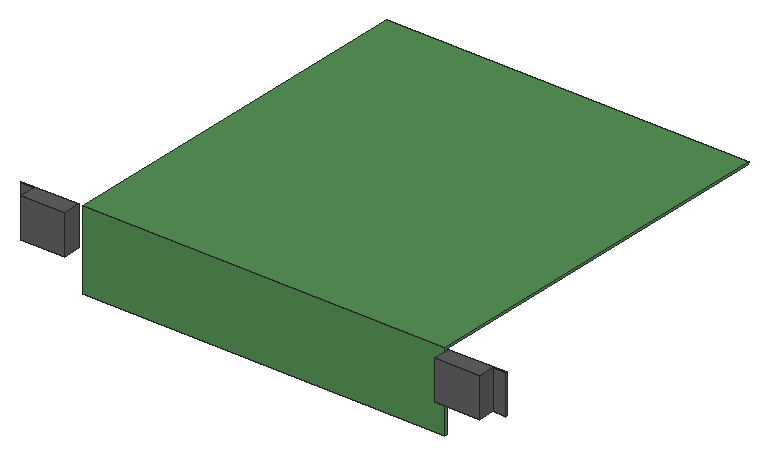
Revit family "Levelers_Kelley_HHC", category Specialty Equipment, host Floor, Revit 2026
Family settings
  Host = Floor
  Round Connector Dimension = Use Diameter
  Part Type = Normal
  Enable Cutting in Views = No
  Always vertical = Yes
  Cut with Voids When Loaded = Yes
  Maintain Annotation Orientation = No
  Shared = No
  Room Calculation Point = No
Parameters (values of type "7x8")
  URL = "http://kelleyentrematic.com/"
  Model = "HHC"
  Manufacturer = "Kelley Entrematic"
  Description = "Hydraulic Heavy Capacity Leveler"
  LipExtension = 0' - 0"
  PitWidth = 7' - 1"
  PitLength = 7' - 3"
  PitDepthR = PitDepth - 0' 0 1/2"  # 1' - 11 1/2"
  PitDepth = 2' - 0"
  LipLength = 1' - 6"
  Default Elevation = 0' - 0"
  Curb = 0' - 3"
  Capacity = "60/80k"
Types (24): name | LipExtension | PitWidth | PitLength
  6x6 | 0' - 0" | 6' - 1" | 5' - 3"
  6x8 | 0' - 0" | 6' - 1" | 7' - 3"
  6.5x6 | 0' - 0" | 6' - 7" | 5' - 3"
  6.5x8 | 0' - 0" | 6' - 7" | 7' - 3"
  7x6 | 0' - 0" | 7' - 1" | 5' - 3"
  7x8 | 0' - 0" | 7' - 1" | 7' - 3"
  6x10 | 0' - 0" | 6' - 1" | 9' - 3"
  6.5x10 | 0' - 0" | 6' - 7" | 9' - 3"
  7x10 | 0' - 0" | 7' - 1" | 9' - 3"
  6x10 Barrier Lip | 0' - 5" | 6' - 1" | 9' - 3"
  6.5x10 Barrier Lip | 0' - 5" | 6' - 7" | 9' - 3"
  7x10 Barrier Lip | 0' - 5" | 7' - 1" | 9' - 3"
  6x6 Barrier Lip | 0' - 5" | 6' - 1" | 5' - 3"
  6.5x6 Barrier Lip | 0' - 5" | 6' - 7" | 5' - 3"
  7x6 Barrier Lip | 0' - 5" | 7' - 1" | 5' - 3"
  6x8 Barrier Lip | 0' - 5" | 6' - 1" | 7' - 3"
  6.5x8 Barrier Lip | 0' - 5" | 6' - 7" | 7' - 3"
  7x8 Barrier Lip | 0' - 5" | 7' - 1" | 7' - 3"
  6.5x12 | 0' - 0" | 6' - 7" | 11' - 3"
  6.5x12 Barrier Lip | 0' - 0" | 6' - 7" | 11' - 3"
  6x12 | 0' - 0" | 6' - 1" | 11' - 3"
  6x12 Barrier Lip | 0' - 5" | 6' - 1" | 11' - 3"
  7x12 | 0' - 0" | 7' - 1" | 11' - 3"
  7x12 Barrier Lip | 0' - 5" | 7' - 1" | 11' - 3"
Reference planes (in)
  plane 1 "Center (Front/Back)": y = 0
  plane 2: z = 0
  plane 3 "Center (Left/Right)": x = 0
  plane 4 "Lip Width": y = -59.5
  plane 5 "pit right": x = 42.5
  plane 6 "Pit left": x = -42.5
  plane 7 "pit rear": y = 27
  plane 8 "curb angle left": x = -45.5
  plane 9: x = -41.5
  plane 10 "curb angle right": x = 45.5
  plane 11: x = 41.5
  plane 12 "curb angle rear": y = 30
  plane 13 "Curb angle - Front": y = -57
  plane 14 "Edge of Dock": y = -60
  plane 15: z = -0.5
  plane 16: z = -23.5
  plane 17: z = -24
  plane 18: y = 15
  plane 19: y = -48
  plane 20 "Lip Length": z = -18
  plane 21: x = 63.5
  plane 22: x = -63.5
  plane 23: z = -3
  plane 24: z = -27
  plane 25: z = 0
  plane 26: z = 0
  plane 27: z = -12
  plane 28: x = 14
  plane 29: x = -52.625
  plane 30: x = -55.625
  plane 31: y = -60.25
  plane 32: y = -64
  plane 33: x = 52.625
  plane 34: x = 55.625
  plane 35: z = -9
Forms (in)
  Extrusion 1, void
    sketch origin (0, 0, 0) x (0, 1, 0) y (0, 0, 1)
      loop
        line (27, 0) -> (-60, 0) -> (-60, -24) -> (-48, -24) -> (15, -23.5) -> (27, -23.5) -> (27, 0)
    from -42.5 to 42.5
  Extrusion 2, solid, material "Kelley Diamond"
    sketch origin (0, 0, 0) x (1, 0, 0) y (0, 1, 0)
      loop
        line (-41.5, 27) -> (-41.5, -60) -> (41.5, -60) -> (41.5, 27) -> (-41.5, 27)
    from -0.5 to 0
  Extrusion 3, solid, material "Kelley Diamond"
    sketch origin (0, 0, 0) x (1, 0, 0) y (0, 0, 1)
      loop
        line (-41.5, 0) -> (-41.5, -18) -> (41.5, -18) -> (41.5, 0) -> (-41.5, 0)
    from 59.5 to 60
  Extrusion 4, solid, material "BUMPER"
    sketch origin (0, 0, 0) x (-1, 0, 0) y (0, -1, 0)
      loop
        line (42.5, 60) -> (55.625, 60) -> (55.625, 60.25) -> (52.625, 60.25) -> (52.625, 64) -> (42.5, 64) -> (42.5, 60)
      loop
        line (-42.5, 60) -> (-42.5, 64) -> (-52.625, 64) -> (-52.625, 60.25) -> (-55.625, 60.25) -> (-55.625, 60) -> (-42.5, 60)
    from -9 to 0
Cuts and joins
  joined: Extrusion 2, Extrusion 3
Lines and regions (in)
  model lines
    curve 1: line (-45.5, 30, 0) -> (45.5, 30, 0)
    curve 2: line (45.5, 30, 0) -> (45.5, 27, 0)
    curve 3: line (45.5, 27, 0) -> (-45.5, 27, 0)
    curve 4: line (-45.5, 27, 0) -> (-45.5, 30, 0)
    curve 5: line (-45.5, 27, 0) -> (-45.5, -57, 0)
    curve 6: line (-42.5, -57, 0) -> (-42.5, 27, 0)
    curve 7: line (-42.5, -57, 0) -> (-63.5, -57, 0)
    curve 8: line (-63.5, -57, 0) -> (-63.5, -60, 0)
    curve 9: line (-63.5, -60, 0) -> (-42.5, -60, 0)
    curve 10: line (45.5, 27, 0) -> (45.5, -57, 0)
    curve 11: line (42.5, -57, 0) -> (42.5, 27, 0)
    curve 12: line (42.5, -60, 0) -> (63.5, -60, 0)
    curve 13: line (63.5, -60, 0) -> (63.5, -57, 0)
    curve 14: line (63.5, -57, 0) -> (42.5, -57, 0)
    curve 15: line (-63.5, -60, 0) -> (-63.5, -60, -3)
    curve 16: line (-63.5, -60, -3) -> (-42.5, -60, -3)
    curve 17: line (-42.5, -60, -3) -> (-42.5, -60, 0)
    curve 18: line (-45.5, -60, -3) -> (-45.5, -60, -27)
    curve 19: line (-45.5, -60, -24) -> (-42.5, -60, -24)
    curve 20: line (-45.5, -60, -27) -> (45.5, -60, -27)
    curve 21: line (45.5, -60, -27) -> (45.5, -60, -3)
    curve 22: line (42.5, -60, -24) -> (45.5, -60, -24)
    curve 23: line (42.5, -60, -24) -> (42.5, -60, 0)
    curve 24: line (42.5, -60, -3) -> (63.5, -60, -3)
    curve 25: line (63.5, -60, -3) -> (63.5, -60, 0)
    curve 26: line (-42.5, -60, -3) -> (-42.5, -60, -24)
    curve 27: line (-42.5, -60, -24) -> (42.5, -60, -24)
    curve 28: line (-42.5, -57, 0) -> (-42.5, -60, 0)
    curve 29: line (42.5, -57, 0) -> (42.5, -60, 0)
Dimensions and locks (in)
  equal spacing: host sketch curve, plane 1 "Center (Front/Back)", host sketch curve
  equal spacing: host sketch curve, plane 3 "Center (Left/Right)", host sketch curve
  host sketch curve to host sketch curve = 10' - 0"  (x2)
  equal spacing: plane 6 "Pit left", plane 3 "Center (Left/Right)", plane 5 "pit right"
  "PitWidth": plane 6 "Pit left" to plane 5 "pit right"
  "PitLength": plane 14 "Edge of Dock" to plane 7 "pit rear"
  "Curb": plane 8 "curb angle left" to plane 6 "Pit left"
  locked: plane 6 "Pit left" to plane 9 at 1
  locked: plane 11 to plane 5 "pit right" at 1
  "Curb": plane 5 "pit right" to plane 10 "curb angle right"
  "Curb": plane 7 "pit rear" to plane 12 "curb angle rear"
  "Curb": plane 14 "Edge of Dock" to plane 13 "Curb angle - Front"
  "PitDepthR": level to plane 16
  "PitDepth": level to plane 17
  locked: plane 7 "pit rear" to plane 18 at 12
  locked: plane 19 to plane 14 "Edge of Dock" at 12
  "LipLength": level to plane 20 "Lip Length"
  locked: plane 22 to plane 6 "Pit left" at 21
  locked: plane 5 "pit right" to plane 21 at 21
  "LipExtension": plane 26 to level
  locked: plane 24 to plane 17 at 3
  locked: level to plane 15 at 0.5
  locked: plane 14 "Edge of Dock" to plane 4 "Lip Width" at 0.5
  locked: plane 3 "Center (Left/Right)" to plane 28 at 14
  locked: level to plane 27 at 12
  locked: connector elem to plane 7 "pit rear" at 9
  locked: plane 16 to connector elem at 5
  locked: plane 31 to curve 9 at 0.25
  locked: plane 32 to curve 9 at 4
  locked: plane 29 to plane 6 "Pit left" at 10.125
  locked: plane 30 to plane 6 "Pit left" at 13.125
  locked: plane 5 "pit right" to plane 33 at 10.125
  locked: plane 5 "pit right" to plane 34 at 13.125
  locked: curve 9 to plane 35 at 9
  aligned and locked: level to plane 2
  aligned and locked: plane 14 "Edge of Dock" to host floor
  aligned and locked: plane 19 to Extrusion 1 sketch curve
  aligned and locked: plane 16 to Extrusion 1 sketch curve
  aligned and locked: Extrusion 1 sketch curve to plane 18
  aligned and locked: plane 17 to Extrusion 1 sketch curve
  aligned and locked: Extrusion 1 sketch curve to plane 14 "Edge of Dock"
  aligned and locked: Extrusion 1 to plane 6 "Pit left"
  aligned and locked: Extrusion 1 to plane 5 "pit right"
  aligned and locked: plane 7 "pit rear" to Extrusion 2 sketch curve
  aligned and locked: Extrusion 2 sketch curve to plane 9
  aligned and locked: Extrusion 2 sketch curve to plane 14 "Edge of Dock"
  aligned and locked: Extrusion 2 to plane 15
  aligned and locked: level to Extrusion 2
  aligned and locked: Extrusion 3 sketch curve to Extrusion 2
  aligned and locked: plane 20 "Lip Length" to Extrusion 3 sketch curve
  aligned and locked: Extrusion 3 sketch curve to plane 11
  aligned and locked: Extrusion 3 to plane 14 "Edge of Dock"
  aligned and locked: Extrusion 3 to plane 4 "Lip Width"
  aligned and locked: Extrusion 2 sketch curve to plane 11
  aligned and locked: curve 7 to plane 13 "Curb angle - Front"
  aligned and locked: curve 8 to plane 22
  aligned and locked: curve 5 to plane 8 "curb angle left"
  aligned and locked: plane 6 "Pit left" to curve 6
  aligned and locked: curve 3 to plane 7 "pit rear"
  aligned and locked: plane 12 "curb angle rear" to curve 1
  aligned and locked: curve 2 to plane 10 "curb angle right"
  aligned and locked: plane 5 "pit right" to curve 11
  aligned and locked: curve 10 to plane 10 "curb angle right"
  aligned and locked: curve 14 to plane 13 "Curb angle - Front"
  aligned and locked: plane 14 "Edge of Dock" to curve 12
  aligned and locked: curve 13 to plane 21
  aligned and locked: plane 24 to curve 18
  aligned and locked: curve 16 to plane 23
  aligned and locked: curve 15 to plane 22
  aligned and locked: plane 6 "Pit left" to curve 17
  aligned and locked: curve 22 to plane 5 "pit right"
  aligned and locked: curve 21 to plane 10 "curb angle right"
  aligned and locked: curve 22 to plane 17
  aligned and locked: curve 25 to plane 21
  aligned and locked: curve 19 to curve 27
  aligned and locked: curve 9 to plane 14 "Edge of Dock"
  aligned and locked: plane 26 to Extrusion 3 sketch curve
  aligned and locked: plane 23 to curve 24
  aligned and locked: plane 24 to curve 20
  aligned and locked: cut or joined group of Extrusion 2, Extrusion 3 to plane 7 "pit rear"
  aligned and locked: Extrusion 4 sketch curve to curve 9
  aligned and locked: Extrusion 4 sketch curve to plane 29
  aligned and locked: Extrusion 4 sketch curve to plane 31  (x2)
  aligned and locked: Extrusion 4 sketch curve to plane 30
  aligned and locked: plane 32 to Extrusion 4 sketch curve
  aligned and locked: Extrusion 4 sketch curve to plane 6 "Pit left"
  aligned and locked: plane 33 to Extrusion 4 sketch curve
  aligned and locked: Extrusion 4 sketch curve to plane 34
  aligned and locked: Extrusion 4 sketch curve to plane 32
  aligned and locked: Extrusion 4 sketch curve to curve 12
  aligned and locked: Extrusion 4 sketch curve to plane 5 "pit right"
  aligned and locked: plane 35 to Extrusion 4
  aligned and locked: level to Extrusion 4
Automatic sketch dimensions
  Extrusion 1 sketch curve to level = 0' - 0"
  Extrusion 1 sketch curve to plane 7 "pit rear" = 0' - 0"
  plane 8 "curb angle left" to curve 20 = 0' - 0"
  curve 25 to level = 0' - 0"
  plane 21 to curve 25 = 0' - 0"
  curve 27 to plane 17 = 0' - 0"
  curve 16 to plane 23 = 0' - 0"
  curve 23 to level = 0' - 0"
  curve 17 to level = 0' - 0"
  curve 15 to level = 0' - 0"
Connectors (in)
  electrical at (42.5, 18, -18.5)
    settings: on plane 5 "pit right", index 1, voltage 120 V, apparent load 0 VA, apparent load phase1 0 VA, apparent load phase2 0 VA, apparent load phase3 0 VA, power factor 1, load classification "Other", number of poles 1, system type 31, power factor state 1, is connector primary yes, connector utility no, sub classification motor no, connector description ""
